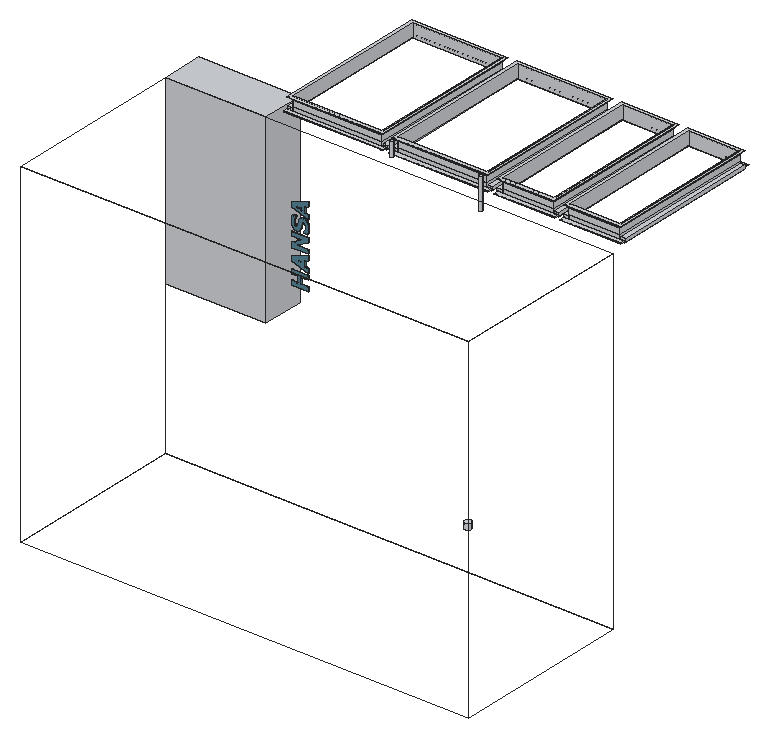
Revit family "KL-P-034-R", category HLS-Bauteile, Revit 2020
Family settings
  Bemaßung runder Anschluss = Durchmesser verwenden
  Klassifizierung = Keine
  Teiletyp = Normal
  Arbeitsebenenbasiert = Nein
  Immer vertikal = Ja
  Beim Laden mit Abzugskörper schneiden = Nein
  Gemeinsam genutzt = Nein
  Raumberechnungspunkt = Nein
Parameters
  Zuluftbreite [instance] = 530 mm  # constant formula
  Vorgabe-Ansicht = 0 mm
  TyS [instance] = size_lookup("TyS_Hansa_KL_P", "", "ND", RLT_Serie, Gehaeuserichtung, Gehaeuseausfuehrung, RLT_MSR_KZ)  # "KL-P-034-R-eCS"
  Schaltschrankbreite [instance] = 600 mm
  Schaltschrank_montiert [instance] = yes
  SSaG [instance] = and(or(Regelung SAIA, Regelung OJ), Schaltschrank_montiert)  # yes
  Regelung SAIA [instance] = yes
  Regelung OJ [instance] = no
  RLT_Volumenstrom_max = 3400 m³/h  # constant formula
  RLT_Volumenstrom_Unit_2 [instance] = 3400 m³/h
  RLT_Volumenstrom_Unit_1 [instance] = 3400 m³/h
  RLT_Typenschlüssel [instance] = TyS  # "KL-P-034-R-eCS"
  RLT_Serie = "KL-P-034"  # constant formula
  RLT_Material_außen [instance] = Stahlblech verzinkt + RAL 9002
  RLT_MSR_KZ [instance] = if(Regelung SAIA, "eCS", if(Regelung OJ, "eCO", "-"))  # "eCS"
  RLT_Länge [instance] = L  # 2070 mm
  RLT_Höhe = H  # 1890 mm
  RLT_Gewicht [instance] = size_lookup("TD_Hansa_KL_P", "Gewicht", 0 mm, TyS) / 1 mm * 1.00 kg  # 0.00 kg
  RLT_Breite = B  # 1080 mm
  Modell = "KL-P-034-R"  # constant formula
  L2 = 790 mm  # constant formula
  L1 = 1280 mm  # constant formula
  L = L1 + L2  # 2070 mm
  Kanaltiefe [instance] = RLT_Breite - 190 mm  # 890 mm
  Hersteller = "Hansa"  # constant formula
  H = 1890 mm  # constant formula
  GeräteOK [instance] = H + Fuß  # 2010 mm
  Gehaeuserichtung [instance] = "R"  # constant formula
  Gehaeuseausfuehrung [instance] = "ungeteilt"  # constant formula
  GD_Spannung [instance] = 230 V
  GD_Phasen [instance] = 1
  GD_Nennstrom [instance] = 0 A
  GD_Anschlussleistung [instance] = 0 W
  Fuß [instance] = 120 mm  # constant formula
  Fortluftbreite = 300 mm  # constant formula
  Bedienzone [instance] = yes
  Baugruppe [instance] = "RLT-Gerät"  # constant formula
  BZl [instance] = if(and(or(Regelung SAIA, Regelung OJ), Schaltschrank_montiert), L + Schaltschrankbreite, L)  # 2670 mm
  B = 1080 mm  # constant formula
  Außenluftbreite = 300 mm  # constant formula
  Abluftbreite [instance] = 530 mm  # constant formula
Reference planes
  plane 1 "Mitte (Vorne/hinten)": y = 0
  plane 2: z = 0
  plane 3 "Mitte (Links/rechts)": x = 0
  plane 4: x = -1035
  plane 5: x = 1035
  plane 6 "GV": y = -540
  plane 7 "GH": y = 540
  plane 8 "OKG": z = 2010
  plane 9: y = 477.5
  plane 10: y = -312.5
  plane 11: x = -972.5
  plane 12: x = 972.5
  plane 13: x = -442.5
  plane 14: x = -347.5
  plane 15: x = 182.5
  plane 16: x = 672.5
  plane 17: x = 577.5
  plane 18: x = 277.5
  plane 19: z = 2090
  plane 20 "UKG": z = 120
  plane 21: y = -290
  plane 22: y = -330
  plane 23: z = 90
  plane 24: y = -464
  plane 25: x = 245
  plane 26: y = -1620
  plane 27: x = -1635
Forms (mm)
  Extrusion 1, solid, visible <- "SSaG"
    sketch origin (-61.559, 0, -70) x (1, 0, 0) y (0, 0, 1)
      loop
        line (-1573.441, 2080) -> (-1573.441, 980) -> (-973.441, 980) -> (-973.441, 2080) -> (-1573.441, 2080)
    from 540 to 290
  Extrusion 2, solid
    sketch origin (0, 0, 0) x (1, 0, 0) y (0, 1, 0)
      loop
        circle (0, -330) r 20
    from 120 to 90
  Extrusion 3, solid, material "Glas - klar", visible <- "Bedienzone"
    sketch origin (-600, 0, 0) x (1, 0, 0) y (0, 1, 0)
      loop
        line (-1035, -540) -> (-1035, -1620) -> (1635, -1620) -> (1635, -540) -> (-1035, -540)
    from 2010 to 0
  Extrusion 4, solid
    sketch origin (0, 0, 0) x (1, 0, 0) y (0, 1, 0)
      loop
        circle (-347.5, -464) r 10
    from 2090 to 2010
  Extrusion 5, solid
    sketch origin (0, 0, 0) x (1, 0, 0) y (0, 1, 0)
      loop
        circle (182.5, -464) r 10
    from 2090 to 1910
Dimensions and locks
  equal spacing: plane 4, plane 3 "Mitte (Links/rechts)", plane 5
  "L": plane 4 to plane 5
  "B": plane 7 "GH" to plane 6 "GV"
  locked: plane 7 "GH" to plane 9 at 62.5
  locked: plane 4 to plane 11 at 62.5
  locked: plane 12 to plane 5 at 62.5
  "Abluftbreite": plane 11 to plane 13
  locked: plane 13 to plane 14 at 95
  "Zuluftbreite": plane 14 to plane 15
  "Fortluftbreite": plane 16 to plane 12
  locked: plane 17 to plane 16 at 95
  "Außenluftbreite": plane 18 to plane 17
  plane 15 to plane 18 = 95 mm
  locked: nested 3 to plane 16 at 95
  "Fuß": plane 20 "UKG" to level
  plane 19 to plane 8 "OKG" = 80 mm
  locked: plane 4 to nested 1 at 62.5
  locked: plane 13 to nested 2 at 95
  locked: nested 4 to plane 5 at 62.5
  plane 5 to Extrusion 1 = 2070 mm
  "RLT_Höhe": plane 8 "OKG" to plane 20 "UKG"
  equal spacing: plane 7 "GH", plane 1 "Mitte (Vorne/hinten)", plane 6 "GV"
  locked: plane 6 "GV" to plane 21 at 250
  locked: plane 6 "GV" to plane 22 at 210
  plane 20 "UKG" to plane 23 = 30 mm
  locked: plane 24 to plane 6 "GV" at 76
  "L1": plane 4 to plane 25
  "B": plane 26 to plane 6 "GV"
  "BZl": Extrusion 3 to Extrusion 3
  "Schaltschrankbreite": plane 27 to plane 4
  plane 18 to plane 15 = 95 mm
  aligned and locked: level to plane 2
  aligned and locked: plane 8 "OKG" to Extrusion 1
  aligned and locked: Extrusion 1 to plane 6 "GV"
  aligned and locked: plane 21 to Extrusion 1
  aligned and locked: plane 20 "UKG" to Extrusion 2
  aligned and locked: Extrusion 2 to plane 23
  aligned and locked: Extrusion 3 to plane 6 "GV"
  aligned and locked: Extrusion 3 to plane 26
  aligned and locked: plane 8 "OKG" to Extrusion 3
  aligned and locked: Extrusion 1 to plane 4
  aligned and locked: plane 19 to Extrusion 4
  aligned and locked: Extrusion 4 to plane 8 "OKG"
  aligned and locked: plane 19 to Extrusion 5
  aligned and locked: Extrusion 1 to Extrusion 3
  aligned and locked: plane 7 "GH" to nested 6
  aligned and locked: plane 4 to nested 6
Automatic sketch dimensions
  Extrusion 1 sketch curve to plane 5 = 2670 mm
  Extrusion 1 sketch curve to plane 8 "OKG" = 0 mm
  Extrusion 1 sketch curve to plane 5 = 2070 mm
  plane 20 "UKG" to Extrusion 1 sketch curve = 790 mm
  Extrusion 2 sketch curve to plane 3 "Mitte (Links/rechts)" = 0 mm
  Extrusion 2 sketch curve to plane 22 = 0 mm
  plane 4 to Extrusion 3 sketch curve = 600 mm
  Extrusion 3 sketch curve to plane 5 = 0 mm
  Extrusion 3 sketch curve to plane 26 = 0 mm
  plane 6 "GV" to Extrusion 3 sketch curve = 0 mm
  Extrusion 4 sketch curve to plane 14 = 0 mm
  Extrusion 4 sketch curve to plane 24 = 0 mm
  Extrusion 5 sketch curve to plane 15 = 0 mm
  Extrusion 5 sketch curve to plane 24 = 0 mm
  radius of Extrusion 2 sketch curve = 20 mm
  radius of Extrusion 4 sketch curve = 10 mm
  radius of Extrusion 5 sketch curve = 10 mm
Nested families
  nested 1: "Kanalstutzen" at (-707.5, 29.209, 2010) x (1, 0, 0) z (0, -1, 0), 2570_EST_Breite <- "Abluftbreite", 2571_EST_Höhe <- "Kanaltiefe", built-in parameter 1001360 <- "GeräteOK", type "Kanalstutzen"
    with Tiefe 80 mm, RahmenG2 20 mm, RahmenG1 30 mm, Höhe 890 mm, Breite 530 mm, 2572_EST_Tiefe 80 mm, 2571_EST_Höhe 890 mm, 2570_EST_Breite 530 mm, 1966_EST_Rahmentyp ""
  nested 2: "Kanalstutzen" at (-82.5, 29.209, 2010) x (1, 0, 0) z (0, -1, 0), 2570_EST_Breite <- "Zuluftbreite", 2571_EST_Höhe <- "Kanaltiefe", built-in parameter 1001360 <- "GeräteOK", type "Kanalstutzen"
    with Tiefe 80 mm, RahmenG2 20 mm, RahmenG1 30 mm, Höhe 890 mm, Breite 530 mm, 2572_EST_Tiefe 80 mm, 2571_EST_Höhe 890 mm, 2570_EST_Breite 530 mm, 1966_EST_Rahmentyp ""
  nested 3: "Kanalstutzen" at (427.5, 29.209, 2010) x (1, 0, 0) z (0, -1, 0), 2570_EST_Breite <- "Außenluftbreite", 2571_EST_Höhe <- "Kanaltiefe", built-in parameter 1001360 <- "GeräteOK", type "Kanalstutzen"
    with Tiefe 80 mm, RahmenG2 20 mm, RahmenG1 30 mm, Höhe 890 mm, Breite 300 mm, 2572_EST_Tiefe 80 mm, 2571_EST_Höhe 890 mm, 2570_EST_Breite 300 mm, 1966_EST_Rahmentyp ""
  nested 4: "Kanalstutzen" at (822.5, 29.209, 2010) x (1, 0, 0) z (0, -1, 0), 2570_EST_Breite <- "Fortluftbreite", 2571_EST_Höhe <- "Kanaltiefe", built-in parameter 1001360 <- "GeräteOK", type "Kanalstutzen"
    with Tiefe 80 mm, RahmenG2 20 mm, RahmenG1 30 mm, Höhe 890 mm, Breite 300 mm, 2572_EST_Tiefe 80 mm, 2571_EST_Höhe 890 mm, 2570_EST_Breite 300 mm, 1966_EST_Rahmentyp ""
  nested 5: "Hansa_Aufkleber_klein" at (-780, -540, 1390) x (0, 0, 1) z (0, -1, 0), type "Hansa_Aufkleber_klein"
  nested 6: "P-034-R_ipt" at (0, 0, 0), type "Norm"
Connectors
  hvac at (-707.5, 29.209, 2089), driven by "RLT_Volumenstrom_Unit_2", driven by "Abluftbreite", driven by "Kanaltiefe"
    settings: on nested 1, index 1, duct flow 3400 m³/h, flow factor 0, pres drop 0.0 Pa, loss coef 0, conn angle 0.00°, conn width 530 mm, conn height 890 mm, conn diameter 609.6 mm, duct sys type 2, conn prof type 1, flow config 0, flow direction 1, loss method 0, conn ref index -1, conn util no, is conn primary yes, conn desc ""
  hvac at (-82.5, 29.209, 2089), driven by "RLT_Volumenstrom_Unit_1", driven by "Zuluftbreite", driven by "Kanaltiefe"
    settings: on nested 2, index 2, duct flow 3400 m³/h, flow factor 0, pres drop 0.0 Pa, loss coef 0, conn angle 0.00°, conn width 530 mm, conn height 890 mm, conn diameter 609.6 mm, duct sys type 1, conn prof type 1, flow config 0, flow direction 2, loss method 0, conn ref index -1, conn util no, is conn primary no, conn desc ""
  hvac at (427.5, 29.209, 2089), driven by "RLT_Volumenstrom_Unit_1", driven by "Außenluftbreite", driven by "Kanaltiefe"
    settings: on nested 3, index 3, duct flow 3400 m³/h, flow factor 0, pres drop 0.0 Pa, loss coef 0, conn angle 0.00°, conn width 300 mm, conn height 890 mm, conn diameter 609.6 mm, duct sys type 1, conn prof type 1, flow config 0, flow direction 1, loss method 0, conn ref index -1, conn util no, is conn primary no, conn desc ""
  hvac at (822.5, 29.209, 2089), driven by "RLT_Volumenstrom_Unit_2", driven by "Fortluftbreite", driven by "Kanaltiefe"
    settings: on nested 4, index 4, duct flow 3400 m³/h, flow factor 0, pres drop 0.0 Pa, loss coef 0, conn angle 0.00°, conn width 300 mm, conn height 890 mm, conn diameter 609.6 mm, duct sys type 3, conn prof type 1, flow config 1, flow direction 2, loss method 0, conn ref index -1, conn util no, is conn primary no, conn desc ""
  piping at (0, -330, 90), diameter 40
    settings: on Extrusion 2, index 5, connector inside diameter 609.6 mm, connector length 0 mm, flow factor 0, pipe flow 0.0 L/s, pressure drop 0.0 Pa, fitting loss kfactor 0, connector angle 0.00°, fixture units 0, engagement length 0 mm, angle of deflection 0.00°, flow configuration 0, flow direction 2, fitting loss method 0, system type 16, joint type 0, gender type 0, connector reference index -1, connector utility 0, adjustable connector no, is connector primary yes, connector description ""
  piping at (-347.5, -464, 2090), diameter 20
    settings: on Extrusion 4, index 6, connector inside diameter 609.6 mm, connector length 0 mm, flow factor 0, pipe flow 0.0 L/s, pressure drop 0.0 Pa, fitting loss kfactor 0, connector angle 0.00°, fixture units 0, engagement length 0 mm, angle of deflection 0.00°, flow configuration 0, flow direction 0, fitting loss method 0, system type 19, joint type 0, gender type 0, connector reference index -1, connector utility 0, adjustable connector no, is connector primary no, connector description ""
  piping at (182.5, -464, 2090), diameter 20
    settings: on Extrusion 5, index 7, connector inside diameter 609.6 mm, connector length 0 mm, flow factor 0, pipe flow 0.0 L/s, pressure drop 0.0 Pa, fitting loss kfactor 0, connector angle 0.00°, fixture units 0, engagement length 0 mm, angle of deflection 0.00°, flow configuration 0, flow direction 0, fitting loss method 0, system type 19, joint type 0, gender type 0, connector reference index -1, connector utility 0, adjustable connector no, is connector primary no, connector description ""
Definition of nested family "Kanalstutzen"
  Parameters (values of type "Kanalstutzen")
    Default Elevation = 0 mm
    Tiefe [instance] = [2572_EST_Tiefe]  # 80 mm
    RahmenG2 [instance] = 20 mm
    RahmenG1 [instance] = 30 mm
    Höhe [instance] = [2571_EST_Höhe]  # 500 mm
    Manufacturer = "Hansa"
    Breite [instance] = [2570_EST_Breite]  # 1000 mm
    Description = "Durchbruchsverkleidung"
    2572_EST_Tiefe [instance] = 80 mm
    2571_EST_Höhe [instance] = 500 mm
    2570_EST_Breite [instance] = 1000 mm
    1966_EST_Rahmentyp [instance] = ""
  Reference planes
    plane 1 "Mitte (Vorne/hinten)": y = 0
    plane 2: z = 0
    plane 3 "Mitte (Links/rechts)": x = 0
    plane 4: x = -500
    plane 5: x = 500
    plane 6 "hinten": y = 80
    plane 7: z = 250
    plane 8: z = -250
    plane 9 "R1links": x = -530
    plane 10 "R1rechts": x = 530
    plane 11 "R2links": x = -520
    plane 12 "R2rechts": x = 520
    plane 13 "R1oben": z = 280
    plane 14 "R1unten": z = -280
    plane 15: z = -270
    plane 16: z = 270
  Forms (mm)
    Sweep 1, solid
      path origin (0, 0, 0) x (1, 0, 0) y (0, 0, 1)
        loop
          line (-500, 250) -> (-500, -250) -> (500, -250) -> (500, 250) -> (-500, 250)
      profile origin (0, 0, 250) x (0, 0, 1) y (0, -1, 0)
        loop
          line (0, -40) -> (0, -80) -> (20, -80) -> (20, -79) -> (1.999, -79) -> (1.999, -59) -> (0.962, -59) -> (0.962, -21.406) -> (1.999, -21.406) -> (1.999, -1.406) -> (30, -1.406) -> (30, 0) -> (0, 0) -> (0, -40)
  Dimensions and locks
    equal spacing: plane 4, plane 3 "Mitte (Links/rechts)", plane 5
    "Breite": plane 4 to plane 5
    equal spacing: plane 7, level, plane 8
    "Höhe": plane 7 to plane 8
    "RahmenG1": plane 9 "R1links" to plane 4
    "RahmenG1": plane 5 to plane 10 "R1rechts"
    "RahmenG2": plane 11 "R2links" to plane 4
    "RahmenG2": plane 5 to plane 12 "R2rechts"
    "RahmenG1": plane 13 "R1oben" to plane 7
    "RahmenG1": plane 8 to plane 14 "R1unten"
    "RahmenG2": plane 16 to plane 7
    "RahmenG2": plane 8 to plane 15
    Sweep 1 sketch curve to Sweep 1 sketch curve = 1.406 mm
    Sweep 1 sketch curve to Sweep 1 sketch curve = 1 mm
    Sweep 1 sketch curve to Sweep 1 sketch curve = 0.962 mm
    "2572_EST_Tiefe": plane 6 "hinten" to plane 1 "Mitte (Vorne/hinten)"
    aligned and locked: level to plane 2
    aligned and locked: plane 16 to Sweep 1 sketch curve
    aligned and locked: plane 13 "R1oben" to Sweep 1 sketch curve
    aligned and locked: plane 1 "Mitte (Vorne/hinten)" to Sweep 1
    aligned and locked: plane 1 "Mitte (Vorne/hinten)" to nested 1
    aligned and locked: nested 1 to plane 10 "R1rechts"
    aligned and locked: nested 2 to plane 9 "R1links"
    aligned and locked: plane 8 to nested 2
    aligned and locked: nested 1 to plane 8
  Automatic sketch dimensions
    plane 4 to Sweep 1 sketch curve = 0 mm
    plane 5 to Sweep 1 sketch curve = 0 mm
    Sweep 1 sketch curve to plane 8 = 0 mm
    Sweep 1 sketch curve to plane 7 = 0 mm
    Sweep 1 sketch curve to plane 1 "Mitte (Vorne/hinten)" = 0 mm
    profile plane to Sweep 1 sketch curve = 0 mm
    Sweep 1 sketch curve to profile plane = 1.999 mm  (x2)
    Sweep 1 sketch curve to Sweep 1 sketch curve = 20 mm  (x2)
    Sweep 1 sketch curve to Sweep 1 sketch curve = 18.594 mm
    Sweep 1 sketch curve to Sweep 1 sketch curve = 19 mm
  Nested families
    nested 1: "EGJK30" at (520, 0, -250), L <- "Höhe", type "EGJK30"
      with L 500 mm
    nested 2: "EGJK30" at (-520, 0, -250) x (-1, 0, 0) z (0, 0, 1), L <- "Höhe", type "EGJK30"
      with L 500 mm
  Definition of nested family "EGJK30"
    Parameters (values of type "EGJK30")
      Default Elevation = 0 mm
      L [instance] = 1000 mm
    Reference planes
      plane 1 "Mitte (Vorne/hinten)": y = 0
      plane 2: z = 0
      plane 3 "Mitte (Links/rechts)": x = 0
    Forms (mm)
      Extrusion 1, solid
        sketch origin (16.67, -35.46, 0) x (1, 0, 0) y (0, 1, 0)
          loop
            line (-26.67, 25.46) -> (-6.67, 25.46) -> (-6.67, 30.46) -> (-1.67, 30.46) -> (-1.67, 50.46) -> (-34.67, 50.46) -> (-34.67, 38.46) -> (-5.67, 38.46) -> (-5.67, 35.46) -> (-25.67, 35.46) -> (-25.67, 36.96) -> (-34.67, 36.96) -> (-34.67, 33.96) -> (-26.67, 25.46)
        from 0 to 1000
    Dimensions and locks
      "L": Extrusion 1 to Extrusion 1
      aligned and locked: level to plane 2
    Automatic sketch dimensions
      plane 1 "Mitte (Vorne/hinten)" to Extrusion 1 sketch curve = 0 mm
      Extrusion 1 sketch curve to plane 3 "Mitte (Links/rechts)" = 18 mm
      plane 1 "Mitte (Vorne/hinten)" to Extrusion 1 sketch curve = 1.5 mm
      Extrusion 1 sketch curve to Extrusion 1 sketch curve = 0 mm
      Extrusion 1 sketch curve to plane 3 "Mitte (Links/rechts)" = 10 mm
      Extrusion 1 sketch curve to plane 3 "Mitte (Links/rechts)" = 9 mm
      plane 1 "Mitte (Vorne/hinten)" to Extrusion 1 sketch curve = 5 mm
      plane 3 "Mitte (Links/rechts)" to Extrusion 1 sketch curve = 10 mm
      Extrusion 1 sketch curve to Extrusion 1 sketch curve = 1 mm
      Extrusion 1 sketch curve to Extrusion 1 sketch curve = 5 mm
      plane 1 "Mitte (Vorne/hinten)" to Extrusion 1 sketch curve = 10 mm
      Extrusion 1 sketch curve to plane 1 "Mitte (Vorne/hinten)" = 1.5 mm
      Extrusion 1 sketch curve to Extrusion 1 sketch curve = 1.5 mm
      Extrusion 1 sketch curve to Extrusion 1 sketch curve = 12 mm
Definition of nested family "Hansa_Aufkleber_klein"
  Parameters (values of type "Hansa_Aufkleber_klein")
    Default Elevation = 1219.2 mm
  Reference planes
    plane 1 "Mitte (Vorne/hinten)": y = 0
    plane 2: z = 0
    plane 3 "Mitte (Links/rechts)": x = 0
  Forms (mm)
    Extrusion 1, solid, detail levels medium+fine
      sketch origin (6.994, -10.767, 0) x (1, 0, 0) y (0, 1, 0)
        loop
          line (-226.694, 10.767) -> (-201.573, 10.767) -> (-201.573, 55.095) -> (-167.456, 55.095) -> (-167.456, 10.767) -> (-142.335, 10.767) -> (-142.335, 110.767) -> (-167.456, 110.767) -> (-167.456, 74.138) -> (-201.573, 74.138) -> (-201.573, 110.767) -> (-226.694, 110.767) -> (-226.694, 10.767)
        loop
          line (202.074, 82.404) -> (191.782, 49.341) -> (212.284, 49.341) -> (202.074, 82.404)
        loop
          line (188.703, 110.767) -> (154.91, 10.767) -> (180.032, 10.767) -> (186.353, 31.189) -> (217.795, 31.189) -> (224.035, 10.767) -> (249.886, 10.767) -> (216.093, 110.767) -> (188.703, 110.767)
        loop
          line (34.084, 10.767) -> (58.233, 10.767) -> (58.233, 110.767) -> (35.299, 110.767) -> (35.299, 53.474) -> (3.37, 110.767) -> (-27.424, 110.767) -> (-27.424, 10.767) -> (-4.49, 10.767) -> (-4.49, 80.459) -> (34.084, 10.767)
        loop
          line (-85.203, 82.404) -> (-95.495, 49.341) -> (-74.993, 49.341) -> (-85.203, 82.404)
        loop
          line (-98.575, 110.767) -> (-132.367, 10.767) -> (-107.245, 10.767) -> (-100.925, 31.189) -> (-69.482, 31.189) -> (-63.242, 10.767) -> (-37.391, 10.767) -> (-71.184, 110.767) -> (-98.575, 110.767)
        loop
          line (73.143, 16.683) -> (80.903, 13.695) -> (89.27, 11.213) -> (93.783, 10.238) -> (98.65, 9.542) -> (103.872, 9.124) -> (109.448, 8.984) -> (114.303, 9.126) -> (118.902, 9.552) -> (123.243, 10.261) -> (127.327, 11.253) -> (131.154, 12.53) -> (134.724, 14.09) -> (138.037, 15.933) -> (141.093, 18.061) -> (143.838, 20.421) -> (146.216, 22.963) -> (148.229, 25.688) -> (149.876, 28.595) -> (151.156, 31.685) -> (152.071, 34.957) -> (152.62, 38.411) -> (152.803, 42.048) -> (152.724, 44.578) -> (152.487, 46.981) -> (152.091, 49.257) -> (151.537, 51.407) -> (150.825, 53.431) -> (149.954, 55.328) -> (148.925, 57.098) -> (147.738, 58.741) -> (144.874, 61.745) -> (141.346, 64.434) -> (137.155, 66.81) -> (132.301, 68.871) -> (127.124, 70.542) -> (122.293, 71.829) -> (112.609, 74.057) -> (109.035, 74.977) -> (106.095, 75.952) -> (103.788, 76.982) -> (102.114, 78.069) -> (100.927, 79.287) -> (100.078, 80.713) -> (99.569, 82.346) -> (99.4, 84.187) -> (99.506, 85.453) -> (99.825, 86.659) -> (100.357, 87.803) -> (101.101, 88.887) -> (102.965, 90.731) -> (105.153, 92.048) -> (107.99, 93.142) -> (110.664, 93.83) -> (113.439, 94.195) -> (116.579, 94.317) -> (120.768, 94.112) -> (124.906, 93.496) -> (128.993, 92.471) -> (133.03, 91.035) -> (136.889, 89.3) -> (140.445, 87.378) -> (143.697, 85.268) -> (146.644, 82.971) -> (148.832, 82.971) -> (148.832, 105.824) -> (145.231, 107.285) -> (141.397, 108.589) -> (137.33, 109.737) -> (133.03, 110.727) -> (128.608, 111.524) -> (124.177, 112.094) -> (119.735, 112.436) -> (115.283, 112.55) -> (110.919, 112.414) -> (106.741, 112.006) -> (102.749, 111.325) -> (98.944, 110.372) -> (95.324, 109.147) -> (91.891, 107.65) -> (88.644, 105.88) -> (85.583, 103.839) -> (82.8, 101.578) -> (80.389, 99.151) -> (78.348, 96.559) -> (76.679, 93.8) -> (75.38, 90.876) -> (74.453, 87.786) -> (73.896, 84.53) -> (73.711, 81.108) -> (74.025, 76.136) -> (74.967, 71.596) -> (76.537, 67.486) -> (78.735, 63.806) -> (80.094, 62.119) -> (81.657, 60.522) -> (83.426, 59.014) -> (85.4, 57.597) -> (87.58, 56.269) -> (89.964, 55.031) -> (92.553, 53.884) -> (95.348, 52.826) -> (100.625, 51.195) -> (106.247, 49.868) -> (111.869, 48.642) -> (117.147, 47.315) -> (119.104, 46.707) -> (120.925, 45.937) -> (122.609, 45.006) -> (124.156, 43.912) -> (125.451, 42.645) -> (126.375, 41.197) -> (126.929, 39.566) -> (127.114, 37.753) -> (127, 36.17) -> (126.658, 34.744) -> (126.089, 33.475) -> (125.291, 32.364) -> (123.275, 30.53) -> (120.874, 29.163) -> (118.413, 28.312) -> (115.242, 27.704) -> (112.052, 27.339) -> (109.529, 27.218) -> (105.242, 27.433) -> (100.889, 28.079) -> (96.47, 29.155) -> (91.985, 30.662) -> (87.561, 32.569) -> (83.324, 34.845) -> (79.274, 37.492) -> (75.413, 40.508) -> (73.143, 40.508) -> (73.143, 16.683)
      from 0 to 2
  Dimensions and locks
    aligned and locked: level to plane 2
Definition of nested family "P-034-R_ipt"
  Parameters (values of type "Norm")
    Default Elevation = 0 mm
  Reference planes
    plane 1 "Mitte (Vorne/Hinten)": y = 0
    plane 2: z = 0
    plane 3 "Mitte (Links/Rechts)": x = 0
  Dimensions and locks
    aligned and locked: level to plane 2
